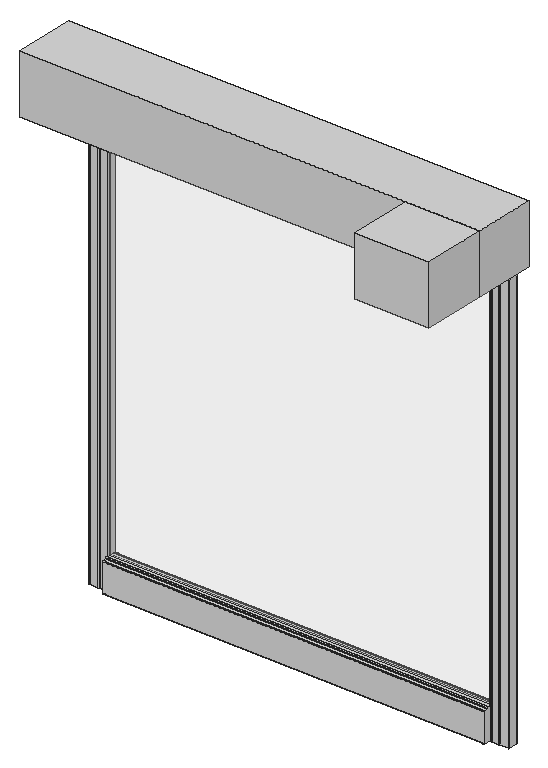
Revit family "Door_Crossing-Gard-Grille_BetweenJambMount_Cookson", category Doors, host Wall, Revit 2013
Parameters (values of type "Motor Operated, Aluminium (Anodized Finish), 3" Vertical Spacing")
  Sizing Disclaimer = "Openings from 5' to 24' wide and 4' to 20' high."  # constant formula
  Revit Object Download Link = "http://cornellcookson.smartbim.com/download/Door_Crossing-Gard-Grille_BetweenJambMount_Cookson"
  Motor = yes
  Function = Interior
  Drip Extension = 0' - 5"
  Curtain Rods 2" OC Standard = Aluminum, anodized finish 3" Spacing (curtain only)
  Bottom Bar = Aluminum, anodized finish(non-curtain components)
  Guides = Aluminum, anodized finish(non-curtain components)
  Hood = Aluminum, anodized finish(non-curtain components)
  Mounting = "Between Jambs"  # constant formula
  URL = "www.cooksondoor.com/product/CrossingGard-Grilles"
  Subcategory = "Roll Up"  # constant formula
  Shutter Width = Width + 2 * 0' 2 1/2" + 2 * 0' 0 15/32"  # 10' - 5 15/16"
  Shutter Height = Height - 0' 4 205/256"  # 9' - 7 51/256"
  Optional aluminum, color anodized finish = no
  Operator Height = 5' - 4"
  Operator = Operator : Motor Operator
  Operation = ""
  From Coil Side Operate on Right = yes
  From Coil Side Operate on Left = not(From Coil Side Operate on Right)  # no
  Curtain Spacing Vertical Chains 9" OC = no
  Curtain Spacing Vertical Chains 6" OC = no
  Curtain Spacing Vertical Chains 3" OC = yes
  Model = "ERG-IBC"  # constant formula
  Manufacturer = "CornellCookson,Inc."  # constant formula
  LEED Information = "http://www.cooksondoor.com/architect-tools-and-resources/leed-information"
  Height = 10' - 0"
  Wall Closure = By host
  Width = 10' - 0"
  Description = "The security of a locked rolling grille that opens on alarm or power failure allowing safe escape."  # constant formula
  Construction Type = ""
  Assembly Code = "B2030410"
  95 CSI = "08330"  # constant formula
  Coil Dimension Note = "15” to 20” - Consult Cornell when dimensions are critical."  # constant formula
  Jamb Dimension Note = "Between Jambs 5 1/2In to 6 1/2In wide. Consult Cookson when dimensions are critical."  # constant formula
  Wall Construction = "Self supporting tubes, Masonry, Steel or Wood"  # constant formula
  Listings = "ICC-ES Evaluated for access controlled egress per the IBC®, per ESR-1167"  # constant formula
  URL Specifications = "http://www.cooksondoor.com/docs/default-source/Specifications/crossinggard-emergency-response-grilles-specification_k.doc?sfvrsn=6"
  URL Photographs = "www.cooksondoor.com/product/CrossingGard-Grilles"
  URL CAD = "www.cooksondoor.com/architect-tools-and-resources/drawing-generator?prod=crossinggard"
  04 CSI = "08 33 00"  # constant formula
  Representative Disclaimer = "Cookson products are sold and installed through a nationwide network of independent distributors."  # constant formula
  Distributor Locator = "http://www.cooksondoor.com/find-a-dealer"
  Cost Note = "Based on size, materials selected. Consult Cookson."  # constant formula
Types (12): name | Curtain Rods 2" OC Standard | Bottom Bar | Guides | Hood | Curtain Spacing Vertical Chains 9" OC | Curtain Spacing Vertical Chains 6" OC | Curtain Spacing Vertical Chains 3" OC
  Motor Operated, Aluminium (Anodized Finish), 9" Vertical Spacing | Aluminum, mill finish 3" Spacing (curtain only) | Aluminum, mill finish(non-curtain components) | Aluminum, mill finish(non-curtain components) | Aluminum, mill finish(non-curtain components) | no | no | yes
  Motor Operated, Aluminium (Mill Finish), 9" Vertical Spacing | Aluminum, mill finish 9" Spacing (curtain only) | Aluminum, mill finish(non-curtain components) | Aluminum, mill finish(non-curtain components) | Aluminum, mill finish(non-curtain components) | yes | no | no
  Motor Operated, Galvanized Steel, 9" Vertical Spacing | Galvanized steel 9" Spacing (curtain only) | Galvanized steel curtain, galvanized or powder coated plain steel components(non-curtain components) | Galvanized steel curtain, galvanized or powder coated plain steel components(non-curtain components) | Galvanized steel curtain, galvanized or powder coated plain steel components(non-curtain components) | yes | no | no
  Motor Operated, Stainless Steel, 9" Vertical Spacing | Stainless steel 9" Spacing (curtain only) | Stainless steel(non-curtain components) | Stainless steel(non-curtain components) | Stainless steel(non-curtain components) | yes | no | no
  Motor Operated, Stainless Steel, 6" Vertical Spacing | Stainless steel 6" Spacing (curtain only) | Stainless steel(non-curtain components) | Stainless steel(non-curtain components) | Stainless steel(non-curtain components) | no | yes | no
  Motor Operated, Stainless Steel, 3" Vertical Spacing | Stainless steel 3" Spacing (curtain only) | Stainless steel(non-curtain components) | Stainless steel(non-curtain components) | Stainless steel(non-curtain components) | no | no | yes
  Motor Operated, Galvanized Steel, 6" Vertical Spacing | Galvanized steel 6" Spacing (curtain only) | Galvanized steel curtain, galvanized or powder coated plain steel components(non-curtain components) | Galvanized steel curtain, galvanized or powder coated plain steel components(non-curtain components) | Galvanized steel curtain, galvanized or powder coated plain steel components(non-curtain components) | no | yes | no
  Motor Operated, Galvanized Steel, 3" Vertical Spacing | Galvanized steel 3" Spacing (curtain only) | Galvanized steel curtain, galvanized or powder coated plain steel components(non-curtain components) | Galvanized steel curtain, galvanized or powder coated plain steel components(non-curtain components) | Galvanized steel curtain, galvanized or powder coated plain steel components(non-curtain components) | no | no | yes
  Motor Operated, Aluminium (Mill Finish), 6" Vertical Spacing | Aluminum, mill finish 6" Spacing (curtain only) | Aluminum, mill finish(non-curtain components) | Aluminum, mill finish(non-curtain components) | Aluminum, mill finish(non-curtain components) | no | yes | no
  Motor Operated, Aluminium (Mill Finish), 3" Vertical Spacing | Aluminum, mill finish 3" Spacing (curtain only) | Aluminum, mill finish(non-curtain components) | Aluminum, mill finish(non-curtain components) | Aluminum, mill finish(non-curtain components) | no | no | yes
  Motor Operated, Aluminium (Anodized Finish), 6" Vertical Spacing | Aluminum, anodized finish 6" Spacing (curtain only) | Aluminum, anodized finish(non-curtain components) | Aluminum, anodized finish(non-curtain components) | Aluminum, anodized finish(non-curtain components) | no | yes | no
  Motor Operated, Aluminium (Anodized Finish), 3" Vertical Spacing | Aluminum, anodized finish 3" Spacing (curtain only) | Aluminum, anodized finish(non-curtain components) | Aluminum, anodized finish(non-curtain components) | Aluminum, anodized finish(non-curtain components) | no | no | yes
Reference planes (in)
  plane 1 "Center (Front/Back)": y = 0
  plane 2 "Center (Left/Right)": x = 36
  plane 3 "Left": x = -24
  plane 4 "Right": x = 96
  plane 5 "Top": z = 120
  plane 6 "Wall Edge": y = -4.25
  plane 7: y = -4.25
  plane 8 "Top of Hood": z = 142
  plane 9: y = -17.875
  plane 10: z = 125
  plane 11: z = 4.39975
  plane 12: z = 4.39975
  plane 13: z = 6.41361
  plane 14: z = 10.41361
  plane 15: y = -6.125
  plane 16: x = -29.5
  plane 17: x = 101.5
  plane 18: x = -27
  plane 19: x = 99
  plane 20: z = 132
  plane 21: y = -21.75
  plane 22: y = -39.75
Forms (in)
  Sweep 1, solid, material "Aluminum, anodized finish(non-curtain components)" <- "Guides"
    path origin (-95.55277, -4.25, 84) x (-1, 0, 0) y (0, 0, 1)
      loop
        line (-186.05277, -84) -> (-77.05277, -84)
    profile "Profile_BottomBar : Profile_BottomBar" origin (36, -4.25, 0) x (0, 0, 1) y (0, 1, 0)
      loop
        line (0.15089, -1.80859) -> (8.36692, -1.80859)
        arc (8.36692, -1.80859) -> (8.47362, -1.7644) -> (8.51781, -1.65771) r 0.15089
        line (8.51781, -1.65771) -> (8.51781, -0.81809)
        arc (8.51781, -0.81809) -> (8.562, -0.7114) -> (8.6687, -0.66721) r 0.15089
        line (8.6687, -0.66721) -> (8.82445, -0.66721)
        arc (8.82445, -0.66721) -> (8.93114, -0.62301) -> (8.97534, -0.51632) r 0.15089
        line (8.97534, -0.51632) -> (8.97534, 1.76645)
        arc (8.97534, 1.76645) -> (8.93114, 1.87315) -> (8.82445, 1.91734) r 0.15089
        line (8.82445, 1.91734) -> (8.6687, 1.91734)
        arc (8.6687, 1.91734) -> (8.562, 1.96153) -> (8.51781, 2.06823) r 0.15089
        line (8.51781, 2.06823) -> (8.51781, 2.90784)
        arc (8.51781, 2.90784) -> (8.47362, 3.01453) -> (8.36692, 3.05873) r 0.15089
        line (8.36692, 3.05873) -> (0.15089, 3.05873)
        arc (0.15089, 3.05873) -> (0.04419, 3.01453) -> (0, 2.90784) r 0.15089
        line (0, 2.90784) -> (0, -1.65771)
        arc (0, -1.65771) -> (0.04419, -1.7644) -> (0.15089, -1.80859) r 0.15089
  Extrusion 2, solid, material "Aluminum, anodized finish 3" Spacing (curtain only)" <- "Curtain Rods 2" OC Standard"
    sketch origin (-95.55277, -4.25, 84) x (-1, 0, 0) y (0, 0, 1)
      loop
        line (-75.00977, 36) -> (-188.09577, 36) -> (-188.09577, -75.02466) -> (-75.00977, -75.02466) -> (-75.00977, 36)
    from 0.3135 to 0.9375
Lines and regions (in)
  Opening 1
    outline origin (-90, -4.25, 0) x (1, 0, 0) y (0, 0, 1)
      loop
        line (66, 0) -> (186, 0) -> (186, 120) -> (66, 120) -> (66, 0)
  symbolic lines, style "Doors"
    curve 1: line (92.543, -3.3125, 0) -> (-20.543, -3.3125, 0)
    curve 2: line (92.543, -3.9365, 0) -> (92.543, -3.3125, 0)
    curve 3: line (-20.543, -3.9365, 0) -> (92.543, -3.9365, 0)
    curve 4: line (-20.543, -3.3125, 0) -> (-20.543, -3.9365, 0)
    curve 5: line (-18.5, -1.19127, 0) -> (90.5, -1.19127, 0)
    curve 6: line (-18.5, -6.05859, 0) -> (-18.5, -3.9365, 0)
    curve 7: line (90.5, -6.05859, 0) -> (-18.5, -6.05859, 0)
    curve 8: line (90.5, -1.19127, 0) -> (90.5, -3.3125, 0)
    curve 9: line (-18.5, -3.3125, 0) -> (-18.5, -1.19127, 0)
    curve 10: line (90.5, -3.9365, 0) -> (90.5, -6.05859, 0)
Text (in)
  text "Exterior" at (-74.96733, 27.31104, 0), in view "Ref. Level"
  text "Interior" at (-74.96733, -25.14366, 0), in view "Ref. Level"
  text "Exterior" at (0, 40.15149, 123.01588), in view "Right"
  text "Interior" at (0, -64.39139, 123.01588), in view "Right"
  text "Interior" at (0, -63.63426, 123.00693), in view "Left"
  text "Exterior" at (0, 54.57065, 123.00693), in view "Left"
Dimensions and locks (in)
  equal spacing: plane 3 "Left", plane 2 "Center (Left/Right)", plane 4 "Right"
  "Height": level to plane 5 "Top"
  "Width": plane 3 "Left" to plane 4 "Right"
  locked: plane 7 to plane 6 "Wall Edge"
  "Drip Extension": plane 10 to plane 5 "Top"
  locked: plane 8 "Top of Hood" to plane 10 at 17
  locked: level to plane 11 at 4.39975
  locked: level to plane 12 at 4.39975
  locked: plane 6 "Wall Edge" to plane 9 at 13.625
  locked: plane 13 to level at 6.41361
  locked: level to plane 14 at 10.41361
  locked: plane 6 "Wall Edge" to plane 15 at 1.875
  locked: plane 16 to plane 3 "Left" at 5.5
  locked: plane 4 "Right" to plane 17 at 5.5
  locked: plane 16 to plane 18 at 2.5
  locked: plane 19 to plane 17 at 2.5
  plane 22 to plane 21 to plane 6 "Wall Edge" = 1' - 6", 1' - 5 1/2"
  plane 10 to plane 5 "Top" = 0' - 5"
  plane 8 "Top of Hood" to level = 11' - 10"
  locked: Sweep 1 sketch curve to plane 4 "Right" at 5.5
  aligned and locked: plane 3 "Left" to Opening 1 sketch curve
  aligned and locked: plane 5 "Top" to Opening 1 sketch curve  (x2)
  aligned and locked: Opening 1 sketch curve to plane 4 "Right"
  aligned and locked: Opening 1 sketch curve to level
  aligned and locked: plane 6 "Wall Edge" to host wall
  aligned and locked: nested 1 to plane 2 "Center (Left/Right)"
  aligned and locked: nested 1 to host wall
  aligned and locked: Sweep 1 sketch curve to level
  aligned and locked: nested 1 to plane 10
  aligned and locked: plane 5 "Top" to Extrusion 2 sketch curve
  aligned and locked: nested 2 to plane 3 "Left"
  aligned and locked: nested 2 to Extrusion 2
  aligned and locked: nested 3 to plane 4 "Right"
  aligned and locked: Extrusion 2 to nested 3  (x2)
  aligned and locked: nested 2 to Sweep 1 sketch curve
  aligned and locked: nested 2 to plane 5 "Top"
  aligned and locked: plane 5 "Top" to nested 3
  aligned and locked: curve 1 to Extrusion 2
  aligned and locked: curve 2 to Extrusion 2
  aligned and locked: curve 3 to Extrusion 2
  aligned and locked: curve 4 to Extrusion 2
  aligned and locked: curve 5 to Sweep 1
  aligned and locked: curve 6 to Sweep 1
  aligned and locked: curve 7 to Sweep 1
  aligned and locked: curve 8 to Sweep 1
Automatic sketch dimensions
  plane 4 "Right" to Extrusion 2 sketch curve = 0' - 3.457"
  Extrusion 2 sketch curve to plane 3 "Left" = 0' - 3.457"
  plane 14 to Extrusion 2 sketch curve = 0' - 1.43827"
  curve 1 to host wall = 0' - 0 15/16"
  curve 3 to curve 7 = 0' - 2.043"
  curve 5 to curve 2 = 0' - 2.043"
  curve 3 to host wall = 0' - 0.3135"
  curve 6 to host wall = 0' - 0.3135"
  curve 8 to host wall = 0' - 0 15/16"
  curve 10 to host wall = 0' - 0.3135"
  plane 4 "Right" to curve 10 = 0' - 5 1/2"
  curve 9 to host wall = 0' - 0 15/16"
  curve 9 to plane 3 "Left" = 0' - 5 1/2"
Nested families (in)
  nested 1: "Operator" at (36, -12.75, 37.50377), type <- "Operator", type "Motor Operator"
  nested 2: "Jamb_Guide-Wall" at (-21.75, -1.3745, 0), type "Guide"
  nested 3: "Jamb_Guide-Wall" at (93.75, -1.3745, 0) x (-1, 0, 0) z (0, 0, 1), type "Guide"
Definition of nested family "Operator"
  Parameters (values of type "Motor Operator")
    Width = 10' - 0"
    Roller Chamber = Aluminum, mill finish(non-curtain components)
    Right Motor Visible = not(Motor)  # no
    Right = yes
    Operator Height = Height / 1.5  # 5' - 4"
    Motor = yes
    Material = Aluminum, mill finish(non-curtain components)
    Line = no
    Left Motor Visible = not(Motor)  # no
    Left = no
    Height = 8' - 0"
    Default Elevation = 4' - 0"
    Bottom Bar = Aluminum, mill finish(non-curtain components)
    Assembly Code = ""
  Reference planes (in)
    plane 1 "Center (Front/Back)": y = 0
    plane 2: z = 0
    plane 3 "Center (Left/Right)": x = 0
    plane 4: x = -60
    plane 5: x = 60
    plane 6: z = 96
    plane 7: y = 8.5
    plane 8: z = 87.49623
    plane 9: x = -42.75
    plane 10: x = 42.75
    plane 11: y = -27.30859
    plane 12: y = -12
    plane 13: y = 6.625
    plane 14: x = -55.5
    plane 15: x = 55.5
    plane 16: x = -65.5
    plane 17: x = 65.5
    plane 18: y = -7
  Forms (in)
    Sweep 1, solid, material "Aluminum, mill finish(non-curtain components)" <- "Bottom Bar"
      path origin (-42.75, -180, 87.49623) x (0, -1, 0) y (1, 0, 0)
        loop
          line (-188.5, -22.75) -> (-188.5, 108.25)
      profile "Profile_Hood : Profile_Hood" origin (0, 8.5, 87.49623) x (0, 1, 0) y (0, 0, 1)
        loop
          line (0, 17) -> (-17.5, 17) -> (-17.5, 0) -> (0, 0) -> (0, 17)
    Sweep 2, solid, material "Aluminum, mill finish(non-curtain components)" <- "Bottom Bar"
      path origin (-42.75, -180, 87.49623) x (0, -1, 0) y (1, 0, 0)
        loop
          line (-188.5, -22.75) -> (-188.5, 108.25)
      profile "Profile_Hood : Profile_Hood" origin (0, 8.5, 87.49623) x (0, 1, 0) y (0, 0, 1)
        loop
          line (0, 17) -> (-17.5, 17) -> (-17.5, 0) -> (0, 0) -> (0, 17)
    Sweep 3, solid, material "Aluminum, mill finish(non-curtain components)" <- "Roller Chamber"
      path origin (-42.75, -180, 87.49623) x (0, -1, 0) y (1, 0, 0)
        loop
          line (-188.5, -22.75) -> (-188.5, 108.25)
      profile "Profile_Hood : Profile_Hood" origin (0, 8.5, 87.49623) x (0, 1, 0) y (0, 0, 1)
        loop
          line (0, 17) -> (-17.5, 17) -> (-17.5, 0) -> (0, 0) -> (0, 17)
  Lines and regions (in)
    symbolic lines, style "GenericModelHiddenLines"
      curve 1: line (-65.5, 8.5, 0) -> (-65.5, -7, 0)
      curve 3: line (65.5, -7, 0) -> (65.5, 8.5, 0)
    symbolic lines, style "GenericModelHiddenLines", visible <- "Line"
      curve 2: line (-65.5, -7, 0) -> (65.5, -7, 0)
    symbolic lines, style "GenericModelHiddenLines", visible <- "Left"
      curve 4: line (-44.5, -7, 0) -> (65.5, -7, 0)
    symbolic lines, style "GenericModelHiddenLines", visible <- "Right"
      curve 5: line (-65.5, -7, 0) -> (44.5, -7, 0)
    symbolic lines, style "GenericModelHiddenLines", visible <- "Right Motor Visible"
      curve 6: line (44.5, -7, 0) -> (65.5, -7, 0)
    symbolic lines, style "GenericModelHiddenLines", visible <- "Left Motor Visible"
      curve 7: line (-65.5, -7, 0) -> (-44.5, -7, 0)
  Dimensions and locks (in)
    equal spacing: plane 4, plane 3 "Center (Left/Right)", plane 5
    "Width": plane 4 to plane 5
    "Height": plane 6 to level
    locked: plane 7 to plane 1 "Center (Front/Back)" at 8.5
    locked: plane 6 to plane 8 at 8.50377
    locked: plane 7 to plane 11 at 35.80859
    locked: plane 7 to plane 13 at 1.875
    locked: plane 15 to plane 5 at 4.5
    locked: plane 4 to plane 14 at 4.5
    locked: plane 16 to plane 4 at 5.5
    locked: plane 17 to plane 5 at 5.5
    locked: plane 18 to plane 7 at 15.5
    aligned and locked: nested 2 to plane 6
    aligned and locked: Sweep 1 sketch curve to plane 7
    aligned and locked: nested 1 to Sweep 1
    aligned and locked: Sweep 2 sketch curve to plane 7
    aligned and locked: Sweep 3 sketch curve to plane 7
    aligned and locked: plane 6 to nested 1
    aligned and locked: plane 16 to Sweep 2 sketch curve
    aligned and locked: plane 17 to Sweep 2 sketch curve
    aligned and locked: plane 16 to Sweep 3 sketch curve
    aligned and locked: plane 17 to Sweep 3 sketch curve
    aligned and locked: plane 16 to Sweep 1 sketch curve
    aligned and locked: plane 17 to Sweep 1 sketch curve
    aligned and locked: plane 7 to curve 1
    aligned and locked: curve 3 to plane 7
    aligned and locked: plane 18 to curve 3
    aligned and locked: plane 18 to curve 4
    aligned and locked: nested 1 to curve 5
    aligned and locked: curve 5 to plane 18
    aligned and locked: nested 1 to curve 6
    aligned and locked: curve 5 to curve 6
    aligned and locked: nested 2 to Sweep 3
    aligned and locked: nested 1 to Sweep 2
    aligned and locked: nested 2 to curve 7
    aligned and locked: plane 16 to nested 2
    aligned and locked: curve 1 to plane 16
  Nested families (in)
    nested 1: "Pull-Down-Pole" at (71.375, -2, 32), visible <- "Right", type "Pull"
    nested 2: "Pull-Down-Pole" at (-71.375, -2, 32) x (-1, 0, 0) z (0, 0, 1), visible <- "Left", type "Pull 2"
  Definition of nested family "Pull-Down-Pole"
    Parameters (values of type "Pull 2")
      Motor = yes
      Material = Aluminum, mill finish(non-curtain components)
      Hood = Aluminum, mill finish(non-curtain components)
      Height = 5' - 4"
      Bottom Bar = Aluminum, mill finish(non-curtain components)
      Assembly Code = ""
    Types (2): name
      Pull 2
      Pull
    Reference planes (in)
      plane 1 "Center (Front/Back)": y = 0
      plane 2: z = 0
      plane 3 "Center (Left/Right)": x = 0
      plane 4: z = 64
      plane 5: y = -7
      plane 6: y = -25
      plane 7: x = -3.625
      plane 8: x = -5.875
      plane 9: x = -1.375
    Forms (in)
      Extrusion 1, solid, material "Aluminum, mill finish(non-curtain components)" <- "Material", visible <- "Motor"
        sketch origin (0, 0, 0) x (1, 0, 0) y (0, 0, 1)
          loop
            line (-26.875, 72.49609) -> (-26.875, 55.49609) -> (-5.875, 55.49609) -> (-5.875, 72.49609) -> (-26.875, 72.49609)
        from 7 to 25
      Extrusion 2, solid, material "Aluminum, mill finish(non-curtain components)" <- "Bottom Bar", not visible
        sketch origin (-9.625, -8.75, 56.81318) x (0, 0, 1) y (0, -1, 0)
          loop
            line (15.68682, -17.125) -> (15.68682, -1.75) -> (-1.31318, -1.75) -> (-1.31318, -17.125) -> (15.68682, -17.125)
        from 3.75 to 8.25
      Extrusion 3, solid, material "Aluminum, mill finish(non-curtain components)" <- "Bottom Bar", not visible
        sketch origin (-5.875, -5.3125, 56.81318) x (0, 0, -1) y (0, -1, 0)
          loop
            line (-15.68682, 1.6875) -> (-15.68682, -13.6875) -> (1.31318, -13.6875) -> (1.31318, 1.6875) -> (-15.68682, 1.6875)
        from -4.5 to 0
    Lines and regions (in)
      symbolic lines, style "GenericModelHiddenLines", visible <- "Motor"
        curve 1: line (-26.875, -25, 0) -> (-26.875, -7, 0)
        curve 2: line (-26.875, -25, 0) -> (-5.875, -25, 0)
        curve 3: line (-5.875, -25, 0) -> (-5.875, -7, 0)
    Dimensions and locks (in)
      "Height": plane 4 to level
      locked: plane 3 "Center (Left/Right)" to Extrusion 1 sketch curve at 5.875
      locked: Extrusion 1 sketch curve to Extrusion 1 sketch curve at 21
      locked: plane 4 to Extrusion 1 sketch curve at 8.50391
      locked: Extrusion 1 sketch curve to plane 4 at 8.49609
      locked: plane 1 "Center (Front/Back)" to plane 5 at 7
      plane 5 to plane 6 = 1' - 6"
      Extrusion 2 to plane 7 = 0' - 2 1/4"
      locked: plane 8 to plane 9 at 4.5
      equal spacing: plane 8, plane 7, plane 9
      plane 5 to plane 1 "Center (Front/Back)" = 0' - 7"
      plane 1 "Center (Front/Back)" to Extrusion 3 sketch curve = 0' - 8 3/8"
      Extrusion 2 to plane 4 = 0' - 8 1/2"
      aligned and locked: plane 5 to Extrusion 1
      aligned and locked: plane 6 to Extrusion 1
      aligned and locked: plane 4 to nested 1
      aligned and locked: plane 7 to nested 1
      aligned and locked: plane 1 "Center (Front/Back)" to nested 1
      aligned and locked: Extrusion 2 to Extrusion 3
      aligned and locked: Extrusion 3 to plane 9
      aligned and locked: Extrusion 2 to plane 9
      aligned and locked: plane 5 to curve 1
      aligned and locked: plane 6 to curve 1
      aligned and locked: plane 5 to curve 3
      aligned and locked: plane 6 to curve 3
      aligned and locked: Extrusion 1 to curve 2
      aligned and locked: curve 2 to Extrusion 1
    Automatic sketch dimensions
      Extrusion 3 sketch curve to Extrusion 2 = 0' - 0"  (x2)
      Extrusion 3 sketch curve to Extrusion 2 = 1' - 3 3/8"
      Extrusion 2 sketch curve to plane 5 = 0' - 0"
      Extrusion 2 sketch curve to plane 4 = 0' - 8 1/2"
      plane 4 to Extrusion 2 sketch curve = 0' - 8 1/2"
      Extrusion 2 sketch curve to Extrusion 2 sketch curve = 1' - 3 3/8"
    Nested families (in)
      nested 1: "Hand Crank" at (-3.625, 0, 0), type "Pull"
        with Crank Visibility no
    Definition of nested family "Hand Crank"
      Parameters (values of type "Pull 2")
        Pull Visibility = no
        Material = none
        Height = 5' - 4"
        Crank Visibility = yes
        Chain Visibility = no
        Assembly Code = ""
      Types (2): name
        Pull
        Pull 2
      Reference planes (in)
        plane 1 "Center (Front/Back)": y = 0
        plane 2: z = 0
        plane 3 "Center (Left/Right)": x = 0
        plane 4: z = 64
      Forms (in)
        Extrusion 1, solid, material <- "Material", visible <- "Crank Visibility"
          sketch origin (0.49219, 0, -9.71913) x (1, 0, 0) y (0, 1, 0)
            loop
              circle (-0.49219, 0) r 0.3635
          from 27.71913 to 73.71913
        Revolve 2, solid, material <- "Material", visible <- "Crank Visibility"
          sketch origin (0.48828, 0, 0) x (1, 0, 0) y (0, 0, 1)
            loop
              line (-0.00839, 16.40625) -> (-0.00839, 17.75)
              arc (-0.00839, 17.75) -> (0.0137, 17.75915) -> (0.02286, 17.78125) r 0.03125
              line (0.02286, 17.78125) -> (0.02286, 17.96875)
              arc (0.02286, 17.96875) -> (0.0137, 17.99085) -> (-0.00839, 18) r 0.03125
              line (-0.00839, 18) -> (-0.12478, 18) -> (-0.25839, 16.375) -> (-0.03964, 16.375)
              arc (-0.03964, 16.375) -> (-0.01755, 16.38415) -> (-0.00839, 16.40625) r 0.03125
            axis (-0.5, 16.375) -> (-0.5, 18)
          angle from 0 to 360
        Extrusion 3, solid, material <- "Material", visible <- "Crank Visibility"
          sketch origin (0.48828, 0, -9.71913) x (1, 0, 0) y (0, 1, 0)
            loop
              circle (-0.5, 0) r 0.24161
          from 24.71913 to 26.09413
        Revolve 4, solid, material <- "Material", visible <- "Crank Visibility"
          sketch origin (0.48828, 0, -33.71913) x (1, 0, 0) y (0, 0, 1)
            loop
              line (-0.10214, 48.71913) -> (-0.5, 48.71913) -> (-0.5, 44.28163) -> (-0.10214, 44.28163)
              arc (-0.10214, 44.28163) -> (-0.08321, 44.29598) -> (-0.06782, 44.31409) r 0.10929
              arc (-0.06782, 44.31409) -> (-0.0568, 44.33489) -> (-0.05048, 44.35756) r 0.10929
              arc (-0.05048, 44.35756) -> (-0.04908, 44.37899) -> (-0.05189, 44.40028) r 0.10929
              arc (-0.05189, 44.40028) -> (-0.06078, 44.4247) -> (-0.07518, 44.44633) r 0.10929
              arc (-0.07518, 44.44633) -> (-0.08774, 44.45883) -> (-0.10214, 44.46913) r 0.10929
              line (-0.10214, 44.46913) -> (-0.25839, 44.46913) -> (-0.25839, 44.53163) -> (-0.03964, 44.53163)
              arc (-0.03964, 44.53163) -> (0.02286, 46.50038) -> (-0.03964, 48.46913) r 31.03906
              line (-0.03964, 48.46913) -> (-0.25839, 48.46913) -> (-0.25839, 48.53163) -> (-0.10214, 48.53163)
              arc (-0.10214, 48.53163) -> (-0.089, 48.54117) -> (-0.07741, 48.55254) r 0.11027
              arc (-0.07741, 48.55254) -> (-0.06715, 48.5662) -> (-0.05913, 48.58129) r 0.11027
              arc (-0.05913, 48.58129) -> (-0.05268, 48.60089) -> (-0.05, 48.62136) r 0.11027
              arc (-0.05, 48.62136) -> (-0.05282, 48.65047) -> (-0.06319, 48.67782) r 0.11027
              arc (-0.06319, 48.67782) -> (-0.07996, 48.70102) -> (-0.10214, 48.71913) r 0.11027
            axis (-0.5, 44.28163) -> (-0.5, 48.71913)
          angle from 0 to 360
        Revolve 5, solid, material <- "Material", visible <- "Crank Visibility"
          sketch origin (0.48828, 0, 0) x (1, 0, 0) y (0, 0, 1)
            loop
              line (-7.10196, 4.6875) -> (-7.49981, 4.6875) -> (-7.49981, 0) -> (-7.28964, 0) -> (-7.25839, 0.03125) -> (-7.25839, 0.25) -> (-7.10196, 0.25)
              arc (-7.10196, 0.25) -> (-7.08302, 0.26435) -> (-7.06764, 0.28246) r 0.10929
              arc (-7.06764, 0.28246) -> (-7.05661, 0.30326) -> (-7.0503, 0.32593) r 0.10929
              arc (-7.0503, 0.32593) -> (-7.04889, 0.34736) -> (-7.05171, 0.36865) r 0.10929
              arc (-7.05171, 0.36865) -> (-7.0606, 0.39307) -> (-7.075, 0.4147) r 0.10929
              arc (-7.075, 0.4147) -> (-7.08755, 0.4272) -> (-7.10196, 0.4375) r 0.10929
              line (-7.10196, 0.4375) -> (-7.25821, 0.4375) -> (-7.25821, 0.5) -> (-7.03946, 0.5)
              arc (-7.03946, 0.5) -> (-6.97696, 2.46875) -> (-7.03946, 4.4375) r 31.03906
              line (-7.03946, 4.4375) -> (-7.25821, 4.4375) -> (-7.25821, 4.5) -> (-7.10196, 4.5)
              arc (-7.10196, 4.5) -> (-7.08882, 4.50954) -> (-7.07722, 4.52091) r 0.11027
              arc (-7.07722, 4.52091) -> (-7.06696, 4.53457) -> (-7.05894, 4.54966) r 0.11027
              arc (-7.05894, 4.54966) -> (-7.05249, 4.56926) -> (-7.04981, 4.58973) r 0.11027
              arc (-7.04981, 4.58973) -> (-7.05263, 4.61884) -> (-7.06301, 4.64619) r 0.11027
              arc (-7.06301, 4.64619) -> (-7.07978, 4.66939) -> (-7.10196, 4.6875) r 0.11027
            axis (-7.49981, 0) -> (-7.49981, 4.6875)
          angle from 0 to 360
        Sweep 6, solid, material <- "Material", visible <- "Crank Visibility"
          path origin (0.48828, 0, 0) x (1, 0, 0) y (0, 0, 1)
            loop
              arc (-7.49004, 4.6119) -> (-7.47789, 4.71547) -> (-7.45023, 4.816) r 0.6875
              arc (-7.45023, 4.816) -> (-7.43834, 4.84678) -> (-7.42499, 4.87696) r 0.6875
              arc (-7.42499, 4.87696) -> (-7.41762, 4.89212) -> (-7.40987, 4.9071) r 0.6875
              arc (-7.40987, 4.9071) -> (-7.38741, 4.94613) -> (-7.36243, 4.98361) r 0.6875
              arc (-7.36243, 4.98361) -> (-7.33964, 5.01371) -> (-7.31523, 5.04252) r 0.6875
              arc (-7.31523, 5.04252) -> (-7.29391, 5.06527) -> (-7.27158, 5.08702) r 0.6875
              line (-7.27158, 5.08702) -> (-0.63776, 10.21872)
              arc (-0.63776, 10.21872) -> (-0.61587, 10.24313) -> (-0.59517, 10.26856) r 0.6875
              arc (-0.59517, 10.26856) -> (-0.57706, 10.29302) -> (-0.56005, 10.31826) r 0.6875
              arc (-0.56005, 10.31826) -> (-0.54767, 10.33829) -> (-0.53598, 10.35873) r 0.6875
              arc (-0.53598, 10.35873) -> (-0.52266, 10.38421) -> (-0.51043, 10.41023) r 0.6875
              arc (-0.51043, 10.41023) -> (-0.49993, 10.43513) -> (-0.49042, 10.46042) r 0.6875
              arc (-0.49042, 10.46042) -> (-0.47982, 10.49292) -> (-0.47085, 10.5259) r 0.6875
              arc (-0.47085, 10.5259) -> (-0.46028, 10.57739) -> (-0.45368, 10.62953) r 0.6875
          profile origin (-3.46639, 0, 7.65287) x (-0.611862, 0, 0.790964) y (0, -1, 0)
            loop
              circle (0, 0) r 0.21875
      Dimensions and locks (in)
        "Height": plane 4 to level
        aligned and locked: plane 4 to Extrusion 1
      Automatic sketch dimensions
        plane 3 "Center (Left/Right)" to Extrusion 1 sketch curve = 0' - 0"
        Extrusion 1 sketch curve to plane 1 "Center (Front/Back)" = 0' - 0"
        Revolve 2 sketch curve to plane 3 "Center (Left/Right)" = 0' - 0 3/256"
        Revolve 2 sketch curve to Revolve 2 sketch curve = 0' - 0.24161"
        Revolve 2 sketch curve to Revolve 2 sketch curve = 0' - 0.37522"
        Revolve 2 sketch curve to Revolve 2 sketch curve = 0' - 0 7/32"
        Revolve 2 sketch curve to Revolve 2 sketch curve = 0' - 0.11639"
        Revolve 2 sketch curve to Revolve 2 sketch curve = 0' - 0"  (x2)
        Revolve 2 sketch curve to Revolve 2 sketch curve = 0' - 0 1/32"
        level to Revolve 2 sketch curve = 1' - 4 3/8"
        Revolve 2 sketch curve to Revolve 2 sketch curve = 0' - 1 11/32"
        Revolve 2 sketch curve to Revolve 2 sketch curve = 0' - 0 3/16"
        Revolve 2 sketch curve to Revolve 2 sketch curve = 0' - 0.55649"
        Extrusion 3 sketch curve to plane 3 "Center (Left/Right)" = 0' - 0 3/256"
        Extrusion 3 sketch curve to plane 1 "Center (Front/Back)" = 0' - 0"
        Revolve 4 sketch curve to Revolve 4 sketch curve = 0' - 0"  (x42)
        Revolve 4 sketch curve to plane 3 "Center (Left/Right)" = 2' - 6.52792"
        Revolve 4 sketch curve to plane 3 "Center (Left/Right)" = 0' - 0 3/256"
        Revolve 4 sketch curve to Revolve 4 sketch curve = 0' - 0.24161"  (x2)
        Revolve 4 sketch curve to Revolve 4 sketch curve = 0' - 0.0982"
        Revolve 4 sketch curve to Revolve 4 sketch curve = 0' - 0.10009"
        Revolve 4 sketch curve to Revolve 4 sketch curve = 0' - 0.05805"  (x2)
        Revolve 4 sketch curve to Revolve 4 sketch curve = 0' - 0.05616"  (x2)
        Revolve 4 sketch curve to Revolve 4 sketch curve = 0' - 0.02473"
        Revolve 4 sketch curve to Revolve 4 sketch curve = 0' - 0.02696"
        Revolve 4 sketch curve to Revolve 4 sketch curve = 0' - 0.03432"
        Revolve 4 sketch curve to Revolve 4 sketch curve = 0' - 0.03895"
        Revolve 4 sketch curve to Revolve 4 sketch curve = 0' - 0.01828"
        Revolve 4 sketch curve to Revolve 4 sketch curve = 0' - 0.02329"
        Revolve 4 sketch curve to Revolve 4 sketch curve = 0' - 0.00141"
        Revolve 4 sketch curve to Revolve 4 sketch curve = 0' - 0.00913"
        Revolve 4 sketch curve to Revolve 4 sketch curve = 0' - 0 1/16"  (x4)
        level to Revolve 4 sketch curve = 0' - 10 9/16"
        Revolve 4 sketch curve to Revolve 4 sketch curve = 0' - 0.03246"
        Revolve 4 sketch curve to Revolve 4 sketch curve = 0' - 0.36189"
        level to Revolve 4 sketch curve = 1' - 0 25/32"
        Revolve 4 sketch curve to Revolve 4 sketch curve = 0' - 0.02091"
        Revolve 5 sketch curve to Revolve 5 sketch curve = 0' - 0"  (x42)
        Revolve 5 sketch curve to plane 3 "Center (Left/Right)" = 3' - 1.52774"
        Revolve 5 sketch curve to plane 3 "Center (Left/Right)" = 0' - 7.01153"
        Revolve 5 sketch curve to Revolve 5 sketch curve = 0' - 0.21017"
        Revolve 5 sketch curve to Revolve 5 sketch curve = 0' - 0 1/32"  (x2)
        Revolve 5 sketch curve to Revolve 5 sketch curve = 0' - 0.24161"
        Revolve 5 sketch curve to Revolve 5 sketch curve = 0' - 0.00019"
        Revolve 5 sketch curve to Revolve 5 sketch curve = 0' - 0.0982"
        Revolve 5 sketch curve to Revolve 5 sketch curve = 0' - 0.10009"
        Revolve 5 sketch curve to Revolve 5 sketch curve = 0' - 0.05805"  (x2)
        Revolve 5 sketch curve to Revolve 5 sketch curve = 0' - 0.05616"  (x2)
        Revolve 5 sketch curve to Revolve 5 sketch curve = 0' - 0.02473"
        Revolve 5 sketch curve to Revolve 5 sketch curve = 0' - 0.02696"
        Revolve 5 sketch curve to Revolve 5 sketch curve = 0' - 0.03432"
        Revolve 5 sketch curve to Revolve 5 sketch curve = 0' - 0.03895"
        Revolve 5 sketch curve to Revolve 5 sketch curve = 0' - 0.01828"
        Revolve 5 sketch curve to Revolve 5 sketch curve = 0' - 0.02329"
        Revolve 5 sketch curve to Revolve 5 sketch curve = 0' - 0.00141"
        Revolve 5 sketch curve to Revolve 5 sketch curve = 0' - 0.00913"
        Revolve 5 sketch curve to Revolve 5 sketch curve = 0' - 0 1/16"  (x4)
        level to Revolve 5 sketch curve = 0' - 0"
        Revolve 5 sketch curve to Revolve 5 sketch curve = 0' - 0 7/32"
        Revolve 5 sketch curve to Revolve 5 sketch curve = 0' - 0.03246"
        Revolve 5 sketch curve to Revolve 5 sketch curve = 0' - 0.03008"
        level to Revolve 5 sketch curve = 0' - 2 15/32"
        Revolve 5 sketch curve to Revolve 5 sketch curve = 0' - 0.02091"
        Sweep 6 sketch curve to Sweep 6 sketch curve = 0' - 0"  (x72)
        Sweep 6 sketch curve to plane 3 "Center (Left/Right)" = 0' - 7.00176"
        Sweep 6 sketch curve to Sweep 6 sketch curve = 0' - 0.03981"
        Sweep 6 sketch curve to Sweep 6 sketch curve = 0' - 0.02523"
        Sweep 6 sketch curve to Sweep 6 sketch curve = 0' - 0.01512"
        Sweep 6 sketch curve to Sweep 6 sketch curve = 0' - 0.04744"
        Sweep 6 sketch curve to Sweep 6 sketch curve = 0' - 0.0472"
        Sweep 6 sketch curve to Sweep 6 sketch curve = 0' - 0.04365"
        Sweep 6 sketch curve to Sweep 6 sketch curve = 0' - 0.60676"
        Sweep 6 sketch curve to Sweep 6 sketch curve = 0' - 6.13304"
        Sweep 6 sketch curve to Sweep 6 sketch curve = 0' - 0.50078"
        Sweep 6 sketch curve to Sweep 6 sketch curve = 0' - 0.04259"
        Sweep 6 sketch curve to Sweep 6 sketch curve = 0' - 0.03512"
        Sweep 6 sketch curve to Sweep 6 sketch curve = 0' - 0.02407"
        Sweep 6 sketch curve to Sweep 6 sketch curve = 0' - 0.02555"
        Sweep 6 sketch curve to Sweep 6 sketch curve = 0' - 0.02001"
        Sweep 6 sketch curve to Sweep 6 sketch curve = 0' - 0.01957"
        Sweep 6 sketch curve to Sweep 6 sketch curve = 0' - 0.01717"
        level to Sweep 6 sketch curve = 0' - 4.58384"
        Sweep 6 sketch curve to Sweep 6 sketch curve = 0' - 0.02806"
        Sweep 6 sketch curve to Sweep 6 sketch curve = 0' - 5.63487"
        Sweep 6 sketch curve to Sweep 6 sketch curve = 0' - 0.04984"
        Sweep 6 sketch curve to profile plane = 0' - 0"  (x2)
        radius of Extrusion 1 sketch curve = 0' - 0.3635"
        radius of Extrusion 3 sketch curve = 0' - 0.24161"
        radius of Sweep 6 sketch curve = 0' - 0 7/32"
Definition of nested family "Jamb_Guide-Wall"
  Parameters (values of type "Guide")
    Height = 10' - 0"
    Guide = Aluminum, anodized finish(non-curtain components)
    Assembly Code = ""
  Reference planes (in)
    plane 1 "Center (Front/Back)": y = 0
    plane 2: z = 0
    plane 3 "Center (Left/Right)": x = 0
    plane 4: z = 120
    plane 5: x = -2.25
    plane 6: y = -2.875
    plane 7: x = 3.25
    plane 8: y = -1.4375
  Forms (in)
    Extrusion 1, solid, material "Aluminum, anodized finish(non-curtain components)" <- "Guide"
      sketch origin (0, 0, 0) x (1, 0, 0) y (0, 1, 0)
        loop
          line (0.75, -2.875) -> (3.125, -2.875) -> (3.25, -2.813) -> (3.25, -2.562) -> (2.75, -2.562) -> (2.75, -2.766) -> (0.938, -2.766) -> (0.938, -1.73335) -> (2.75, -1.73335) -> (2.75, -1.938) -> (3.25, -1.938) -> (3.25, -0.436) -> (3.125, -0.374) -> (0.75, -0.374) -> (0.75, -2.875)
      from 0 to 120
    Extrusion 2, solid, material "Aluminum, anodized finish(non-curtain components)" <- "Guide"
      sketch origin (0, 0.25, 0) x (-1, 0, 0) y (0, -1, 0)
        loop
          line (-0.50842, 0.12671) -> (2.01014, 0.12671)
          arc (2.01014, 0.12671) -> (2.17975, 0.19697) -> (2.25, 0.36658) r 0.23986
          line (2.25, 0.36658) -> (2.25, 2.88514)
          arc (2.25, 2.88514) -> (2.17975, 3.05475) -> (2.01014, 3.125) r 0.23986
          line (2.01014, 3.125) -> (-0.50842, 3.125)
          arc (-0.50842, 3.125) -> (-0.67803, 3.05475) -> (-0.74829, 2.88514) r 0.23986
          line (-0.74829, 2.88514) -> (-0.74829, 0.36658)
          arc (-0.74829, 0.36658) -> (-0.67803, 0.19697) -> (-0.50842, 0.12671) r 0.23986
        loop
          line (-0.50842, 0.24664) -> (2.01014, 0.24664)
          arc (2.01014, 0.24664) -> (2.09494, 0.28177) -> (2.13007, 0.36658) r 0.11993
          line (2.13007, 0.36658) -> (2.13007, 2.88514)
          arc (2.13007, 2.88514) -> (2.09494, 2.96994) -> (2.01014, 3.00507) r 0.11993
          line (2.01014, 3.00507) -> (-0.50842, 3.00507)
          arc (-0.50842, 3.00507) -> (-0.59323, 2.96994) -> (-0.62836, 2.88514) r 0.11993
          line (-0.62836, 2.88514) -> (-0.62836, 0.36658)
          arc (-0.62836, 0.36658) -> (-0.59323, 0.28177) -> (-0.50842, 0.24664) r 0.11993
      from 0 to 120
  Lines and regions (in)
    Filled region 1, type "GA0363.dwg--6", in view "Ref. Level"
      outline origin (0, 0.25, 0) x (-1, 0, 0) y (0, -1, 0)
        loop
          line (-84.66667, -45.69605) -> (-84.83333, -45.69605) -> (-84.75, -46.19605) -> (-84.66667, -45.69605)
    Filled region 2, type "GA0363.dwg--6", in view "Ref. Level"
      outline origin (0, 0.25, 0) x (-1, 0, 0) y (0, -1, 0)
        loop
          line (-84.66667, -38.69605) -> (-84.75, -38.19605) -> (-84.83333, -38.69605) -> (-84.66667, -38.69605)
    Filled region 3, type "GA0363.dwg--6", in view "Ref. Level"
      outline origin (0, 0.25, 0) x (-1, 0, 0) y (0, -1, 0)
        loop
          line (-104.16667, -36.19605) -> (-104.25, -35.69605) -> (-104.33333, -36.19605) -> (-104.16667, -36.19605)
    Filled region 4, type "GA0363.dwg--6", in view "Ref. Level"
      outline origin (0, 0.25, 0) x (-1, 0, 0) y (0, -1, 0)
        loop
          line (-104.16667, -42.20005) -> (-104.33333, -42.20005) -> (-104.25, -42.70005) -> (-104.16667, -42.20005)
    Filled region 5, type "GA0363.dwg--6", in view "Ref. Level"
      outline origin (0, 0.25, 0) x (-1, 0, 0) y (0, -1, 0)
        loop
          line (-99.75, -49.33333) -> (-99.25, -49.25) -> (-99.75, -49.16667) -> (-99.75, -49.33333)
    Filled region 6, type "GA0363.dwg--6", in view "Ref. Level"
      outline origin (0, 0.25, 0) x (-1, 0, 0) y (0, -1, 0)
        loop
          line (-110.75, -49.33333) -> (-110.75, -49.16667) -> (-111.25, -49.25) -> (-110.75, -49.33333)
    Filled region 7, type "GA0363.dwg--6", in view "Ref. Level"
      outline origin (0, 0.25, 0) x (-1, 0, 0) y (0, -1, 0)
        loop
          line (-113.66667, -36.19605) -> (-113.75, -35.69605) -> (-113.83333, -36.19605) -> (-113.66667, -36.19605)
    Filled region 8, type "GA0363.dwg--6", in view "Ref. Level"
      outline origin (0, 0.25, 0) x (-1, 0, 0) y (0, -1, 0)
        loop
          line (-113.66667, -47.19605) -> (-113.83333, -47.19605) -> (-113.75, -47.69605) -> (-113.66667, -47.19605)
    Filled region 9, type "GA0363.dwg--6", in view "Ref. Level"
      outline origin (0, 0.25, 0) x (-1, 0, 0) y (0, -1, 0)
        loop
          line (-99.25, -32.19605) -> (-99.62924, -31.85972) -> (-99.71782, -32.00089) -> (-99.25, -32.19605)
    symbolic lines
      curve 1: line (1.02, -0.499, 0) -> (0.938, -0.499, 0)
      curve 2: line (0.938, -0.499, 0) -> (0.938, -0.624, 0)
      curve 3: line (0.938, -0.624, 0) -> (0.87494, -0.624, 0)
      curve 4: line (0.87494, -0.624, 0) -> (0.87494, -1.50007, 0)
      curve 5: arc (0.87494, -1.50007, 0) -> (0.91158, -1.58852, 0) -> (1.00003, -1.62516, 0) r 0.12509
      curve 6: line (1.00003, -1.62516, 0) -> (2.93794, -1.62516, 0)
      curve 7: arc (2.93794, -1.62516, 0) -> (2.98191, -1.64337, 0) -> (3.00012, -1.68735, 0) r 0.06219
      curve 8: line (3.00012, -1.68735, 0) -> (3.125, -1.68735, 0)
      curve 9: line (3.125, -1.68735, 0) -> (3.125, -1.62435, 0)
      curve 10: line (3.125, -1.62435, 0) -> (3.25, -1.68735, 0)
      curve 11: arc (3.2035, -1.66391, 0) -> (3.2345, -1.66391, 0) -> (3.25, -1.63706, 0) r 0.031
      curve 12: line (3.063, -1.6657, 0) -> (3.125, -1.6657, 0)
      curve 13: line (3.063, -1.56201, 0) -> (3.063, -1.6657, 0)
      curve 14: arc (3.1095, -1.53516, 0) -> (3.0785, -1.53516, 0) -> (3.063, -1.56201, 0) r 0.031
      curve 15: line (3.1415, -1.55364, 0) -> (3.1095, -1.53516, 0)
      curve 16: arc (3.188, -1.52679, 0) -> (3.1725, -1.55364, 0) -> (3.1415, -1.55364, 0) r 0.031
      curve 17: line (3.188, -0.4738, 0) -> (3.188, -1.52679, 0)
      curve 18: line (3.11047, -0.43535, 0) -> (3.188, -0.4738, 0)
      curve 19: line (3.188, -1.87535, 0) -> (3.188, -1.81035, 0)
      curve 20: line (3.188, -1.81035, 0) -> (2.812, -1.81035, 0)
      curve 21: line (2.812, -1.81035, 0) -> (2.812, -1.87535, 0)
      curve 22: line (2.812, -1.87535, 0) -> (2.89, -1.87535, 0)
      curve 23: line (2.89, -1.87535, 0) -> (2.89, -1.938, 0)
      curve 24: line (2.89, -1.938, 0) -> (2.75, -1.938, 0)
      curve 25: line (2.75, -1.938, 0) -> (2.75, -1.73335, 0)
      curve 26: line (2.75, -1.73335, 0) -> (0.938, -1.73335, 0)
      curve 27: line (0.938, -1.73335, 0) -> (0.938, -2.766, 0)
      curve 28: line (0.938, -2.766, 0) -> (2.75, -2.766, 0)
      curve 29: line (2.75, -2.766, 0) -> (2.75, -2.562, 0)
      curve 30: line (2.75, -2.562, 0) -> (2.89, -2.562, 0)
      curve 31: line (2.89, -2.562, 0) -> (2.89, -2.62335, 0)
      curve 32: line (2.89, -2.62335, 0) -> (2.812, -2.62335, 0)
      curve 33: line (2.812, -2.62335, 0) -> (2.812, -2.68835, 0)
      curve 34: line (2.812, -2.68835, 0) -> (2.89, -2.68835, 0)
      curve 35: line (2.89, -2.68835, 0) -> (2.89, -2.76535, 0)
      curve 36: line (2.89, -2.76535, 0) -> (3.11, -2.76535, 0)
      curve 37: line (3.11, -2.76535, 0) -> (3.11, -2.68835, 0)
      curve 38: line (3.11, -2.68835, 0) -> (3.188, -2.68835, 0)
      curve 39: line (3.188, -2.68835, 0) -> (3.188, -2.62335, 0)
      curve 40: line (3.188, -2.62335, 0) -> (3.11, -2.62335, 0)
      curve 41: line (3.11, -2.62335, 0) -> (3.11, -2.562, 0)
      curve 42: line (3.11, -1.87535, 0) -> (3.188, -1.87535, 0)
      curve 43: line (1.02, -0.51135, 0) -> (0.958, -0.51135, 0)
      curve 44: line (0.958, -0.51135, 0) -> (0.958, -0.56135, 0)
      curve 45: arc (0.958, -0.56135, 0) -> (0.98749, -0.61414, 0) -> (1.0479, -0.61671, 0) r 0.062
      curve 46: line (1.0479, -0.61671, 0) -> (1.1729, -0.55371, 0)
      curve 47: arc (1.1729, -0.55371, 0) -> (1.19779, -0.53086, 0) -> (1.207, -0.49835, 0) r 0.062
      curve 48: line (1.145, -0.49835, 0) -> (1.02, -0.56135, 0)
      curve 49: line (1.145, -0.374, 0) -> (1.145, -0.49835, 0)
      curve 50: line (1.207, -0.49835, 0) -> (1.207, -0.43535, 0)
      curve 51: line (1.207, -0.43535, 0) -> (3.11047, -0.43535, 0)
      curve 52: line (3.11, -1.938, 0) -> (3.11, -1.87535, 0)
      curve 53: line (1.02, -0.56135, 0) -> (1.02, -0.499, 0)
    symbolic lines, style "GenericModel"
      curve 54: line (-2.13007, -2.63514, 0) -> (-2.13007, -0.11658, 0)
      curve 55: arc (-2.13007, -0.11658, 0) -> (-2.09494, -0.03177, 0) -> (-2.01014, 0.00336, 0) r 0.11993
      curve 56: line (-2.01014, 0.00336, 0) -> (0.50842, 0.00336, 0)
      curve 57: arc (0.50842, 0.00336, 0) -> (0.59323, -0.03177, 0) -> (0.62836, -0.11658, 0) r 0.11993
      curve 58: line (0.62836, -0.11658, 0) -> (0.62836, -2.63514, 0)
      curve 59: arc (0.62836, -2.63514, 0) -> (0.59323, -2.71994, 0) -> (0.50842, -2.75507, 0) r 0.11993
      curve 60: line (0.50842, -2.75507, 0) -> (-2.01014, -2.75507, 0)
      curve 61: arc (-2.01014, -2.75507, 0) -> (-2.09494, -2.71994, 0) -> (-2.13007, -2.63514, 0) r 0.11993
      curve 62: arc (-2.25, -2.63514, 0) -> (-2.17975, -2.80475, 0) -> (-2.01014, -2.875, 0) r 0.23986
      curve 63: line (-2.25, -0.11658, 0) -> (-2.25, -2.63514, 0)
      curve 64: arc (-2.01014, 0.12329, 0) -> (-2.17975, 0.05303, 0) -> (-2.25, -0.11658, 0) r 0.23986
      curve 65: line (0.50842, 0.12329, 0) -> (-2.01014, 0.12329, 0)
      curve 66: arc (0.74829, -0.11658, 0) -> (0.67803, 0.05303, 0) -> (0.50842, 0.12329, 0) r 0.23986
      curve 67: line (0.74829, -2.63514, 0) -> (0.74829, -0.11658, 0)
      curve 68: arc (0.50842, -2.875, 0) -> (0.67803, -2.80475, 0) -> (0.74829, -2.63514, 0) r 0.23986
      curve 69: line (-2.01014, -2.875, 0) -> (0.50842, -2.875, 0)
      curve 70: line (0.75, -0.374, 0) -> (0.75, -2.875, 0)
      curve 71: line (0.75, -2.875, 0) -> (3.125, -2.875, 0)
      curve 72: line (3.125, -2.875, 0) -> (3.25, -2.813, 0)
      curve 73: line (3.25, -2.813, 0) -> (3.25, -2.562, 0)
      curve 74: line (3.25, -2.562, 0) -> (2.75, -2.562, 0)
      curve 75: line (3.125, -0.374, 0) -> (0.75, -0.374, 0)
      curve 76: line (3.25, -0.436, 0) -> (3.125, -0.374, 0)
      curve 77: line (3.25, -1.938, 0) -> (3.25, -0.436, 0)
      curve 78: line (2.75, -1.938, 0) -> (3.25, -1.938, 0)
      curve 79: line (0.75, -0.374, 0) -> (0.75, -2.875, 0)
  Dimensions and locks (in)
    "Height": plane 4 to plane 2
    equal spacing: plane 6, plane 8, plane 1 "Center (Front/Back)"
    plane 5 to plane 3 "Center (Left/Right)" to plane 7 = 0' - 2 1/4" locked, 0' - 3 1/4" locked
    aligned and locked: plane 2 to level
    aligned and locked: plane 4 to Extrusion 1
    aligned and locked: plane 4 to Extrusion 2
    aligned: plane 5 to Extrusion 2
    aligned: plane 6 to Extrusion 2
    aligned and locked: plane 7 to Extrusion 1
    aligned and locked: curve 24 to Extrusion 1
    aligned and locked: curve 30 to Extrusion 1
    aligned and locked: curve 28 to Extrusion 1
    aligned and locked: Extrusion 1 to curve 26
    aligned and locked: Extrusion 2 sketch curve to plane 5
    aligned and locked: plane 6 to Extrusion 2
    aligned and locked: curve 54 to Extrusion 2
    aligned and locked: curve 55 to Extrusion 2
    aligned and locked: curve 56 to Extrusion 2
    aligned and locked: curve 57 to Extrusion 2
    aligned and locked: curve 58 to Extrusion 2
    aligned and locked: curve 59 to Extrusion 2
    aligned and locked: curve 60 to Extrusion 2
    aligned and locked: curve 61 to Extrusion 2
    aligned and locked: curve 62 to Extrusion 2
    aligned and locked: curve 63 to Extrusion 2
    aligned and locked: curve 64 to Extrusion 2
    aligned and locked: curve 65 to Extrusion 2
    aligned and locked: curve 66 to Extrusion 2
    aligned and locked: curve 67 to Extrusion 2
    aligned and locked: curve 68 to Extrusion 2
    aligned and locked: curve 69 to Extrusion 2
    aligned and locked: curve 71 to Extrusion 1
    aligned and locked: curve 72 to Extrusion 1
    aligned and locked: curve 73 to Extrusion 1
    aligned and locked: curve 74 to Extrusion 1
    aligned and locked: curve 75 to Extrusion 1
    aligned and locked: curve 76 to Extrusion 1
    aligned and locked: curve 77 to Extrusion 1
    aligned and locked: curve 78 to Extrusion 1
    aligned and locked: curve 79 to Extrusion 1
  Automatic sketch dimensions
    curve 11 to curve 11 = 0' - 0.031"
    curve 11 to curve 11 = 0' - 0.0155"
    curve 39 to plane 7 = 0' - 0.062"
    curve 42 to plane 7 = 0' - 0.062"
    curve 18 to plane 7 = 0' - 0.062"
    curve 16 to curve 16 = 0' - 0.031"
    curve 16 to curve 16 = 0' - 0.0155"
    curve 9 to curve 16 = 0' - 0.0165"
    curve 41 to curve 37 = 0' - 0"
    curve 52 to curve 19 = 0' - 0.078"
    curve 14 to curve 16 = 0' - 0.032"
    curve 14 to curve 14 = 0' - 0.0155"
    curve 14 to curve 14 = 0' - 0.031"
    curve 8 to curve 12 = 0' - 0.06288"
    curve 7 to curve 7 = 0' - 0.06219"
    curve 30 to curve 41 = 0' - 0.22"
    curve 34 to curve 31 = 0' - 0"
    curve 22 to curve 7 = 0' - 0.04794"
    curve 21 to curve 22 = 0' - 0.078"
    curve 33 to curve 34 = 0' - 0.078"
    curve 28 to curve 33 = 0' - 0.062"
    curve 26 to curve 20 = 0' - 0.062"
    plane 3 "Center (Left/Right)" to curve 47 = 0' - 1.207"
    curve 47 to curve 47 = 0' - 0.0341"
    plane 1 "Center (Front/Back)" to curve 48 = 0' - 0.49835"
    curve 48 to curve 46 = 0' - 0.0279"
    curve 47 to curve 48 = 0' - 0"
    curve 45 to curve 47 = 0' - 0 1/8"
    curve 53 to curve 46 = 0' - 0.0279"
    curve 45 to curve 48 = 0' - 0"
    plane 8 to curve 5 = 0' - 0.06257"
    curve 5 to curve 45 = 0' - 0.04788"
    curve 44 to curve 43 = 0' - 0.062"
    curve 27 to curve 6 = 0' - 0.06203"
    curve 3 to curve 45 = 0' - 0.02"
    curve 5 to curve 5 = 0' - 0.12509"
    curve 36 to curve 38 = 0' - 0.077"
    curve 35 to curve 34 = 0' - 0.077"
    curve 38 to curve 40 = 0' - 0.065"
    curve 33 to curve 33 = 0' - 0.065"
    curve 24 to curve 22 = 0' - 0.06265"
    curve 52 to curve 42 = 0' - 0.06265"
    curve 19 to curve 20 = 0' - 0.065"
    curve 8 to curve 10 = 0' - 0"
    curve 8 to curve 13 = 0' - 0.02164"
    curve 10 to curve 11 = 0' - 0 3/128"
    curve 9 to curve 14 = 0' - 0.06234"
    curve 15 to curve 14 = 0' - 0.01848"
    curve 2 to curve 47 = 0' - 0.12565"
    curve 2 to curve 46 = 0' - 0.00729"
    curve 48 to curve 45 = 0' - 0"
    curve 45 to curve 43 = 0' - 0.05"
    curve 43 to curve 2 = 0' - 0.01235"
    curve 17 to curve 51 = 0' - 0.03846"
    curve 50 to curve 49 = 0' - 0.06135"
    plane 6 to Extrusion 1 sketch curve = 0' - 0"
    Extrusion 1 sketch curve to plane 7 = 0' - 0"  (x2)
    Extrusion 1 sketch curve to plane 7 = 0' - 0 1/8"  (x2)
    Extrusion 1 sketch curve to plane 6 = 0' - 0.109"
    Extrusion 1 sketch curve to Extrusion 1 sketch curve = 0' - 0 3/8"
    Extrusion 1 sketch curve to plane 7 = 0' - 0 1/2"
    plane 8 to Extrusion 1 sketch curve = 0' - 0.29585"
    plane 3 "Center (Left/Right)" to Extrusion 1 sketch curve = 0' - 0.938"
    Extrusion 1 sketch curve to Extrusion 1 sketch curve = 0' - 0.188"
    Extrusion 1 sketch curve to plane 6 = 0' - 0.062"
    Extrusion 1 sketch curve to Extrusion 1 sketch curve = 0' - 0.204"
    plane 8 to Extrusion 1 sketch curve = 0' - 0.5005"
    plane 1 "Center (Front/Back)" to Extrusion 1 sketch curve = 0' - 0.436"
    plane 1 "Center (Front/Back)" to Extrusion 1 sketch curve = 0' - 0.374"
    plane 7 to Filled region 1 sketch curve = 6' - 9.58333"
    Filled region 1 sketch curve to Filled region 1 sketch curve = 0' - 0"  (x6)
    Filled region 1 sketch curve to Filled region 1 sketch curve = 0' - 0.08333"
    Filled region 1 sketch curve to Filled region 1 sketch curve = 0' - 0.16667"
    Filled region 1 sketch curve to plane 1 "Center (Front/Back)" = 3' - 10.44605"
    Filled region 1 sketch curve to Filled region 1 sketch curve = 0' - 0 1/2"
    Filled region 2 sketch curve to plane 1 "Center (Front/Back)" = 3' - 2.94605"  (x3)
    plane 7 to Filled region 2 sketch curve = 6' - 9.58333"
    Filled region 2 sketch curve to Filled region 2 sketch curve = 0' - 0"  (x3)
    Filled region 2 sketch curve to plane 1 "Center (Front/Back)" = 3' - 2.44605"  (x2)
    Filled region 2 sketch curve to Filled region 2 sketch curve = 0' - 0.08333"
    Filled region 2 sketch curve to Filled region 2 sketch curve = 0' - 0.16667"
    Filled region 3 sketch curve to plane 1 "Center (Front/Back)" = 3' - 0.44605"  (x3)
    plane 7 to Filled region 3 sketch curve = 8' - 5.08333"
    Filled region 3 sketch curve to Filled region 3 sketch curve = 0' - 0"  (x3)
    Filled region 3 sketch curve to plane 1 "Center (Front/Back)" = 2' - 11.94605"  (x2)
    Filled region 3 sketch curve to Filled region 3 sketch curve = 0' - 0.08333"
    Filled region 3 sketch curve to Filled region 3 sketch curve = 0' - 0.16667"
    Filled region 4 sketch curve to plane 1 "Center (Front/Back)" = 3' - 6.45005"  (x3)
    plane 7 to Filled region 4 sketch curve = 8' - 5.08333"
    Filled region 4 sketch curve to Filled region 4 sketch curve = 0' - 0"  (x3)
    Filled region 4 sketch curve to plane 1 "Center (Front/Back)" = 3' - 6.95005"  (x2)
    Filled region 4 sketch curve to Filled region 4 sketch curve = 0' - 0.08333"
    Filled region 4 sketch curve to Filled region 4 sketch curve = 0' - 0.16667"
    plane 7 to Filled region 5 sketch curve = 8' - 0 1/2"
    Filled region 5 sketch curve to Filled region 5 sketch curve = 0' - 0"  (x6)
    Filled region 5 sketch curve to Filled region 5 sketch curve = 0' - 0 1/2"
    Filled region 5 sketch curve to plane 1 "Center (Front/Back)" = 4' - 1.58333"
    Filled region 5 sketch curve to Filled region 5 sketch curve = 0' - 0.08333"
    Filled region 5 sketch curve to Filled region 5 sketch curve = 0' - 0.16667"
    Filled region 6 sketch curve to plane 1 "Center (Front/Back)" = 4' - 1 1/2"  (x2)
    plane 7 to Filled region 6 sketch curve = 9' - 0"
    Filled region 6 sketch curve to Filled region 6 sketch curve = 0' - 0"  (x5)
    Filled region 6 sketch curve to plane 1 "Center (Front/Back)" = 4' - 1.41667"
    Filled region 6 sketch curve to Filled region 6 sketch curve = 0' - 0 1/2"
    Filled region 6 sketch curve to plane 1 "Center (Front/Back)" = 4' - 1.58333"
    Filled region 7 sketch curve to plane 1 "Center (Front/Back)" = 3' - 0.44605"  (x3)
    plane 7 to Filled region 7 sketch curve = 9' - 2.58333"
    Filled region 7 sketch curve to Filled region 7 sketch curve = 0' - 0"  (x3)
    Filled region 7 sketch curve to plane 1 "Center (Front/Back)" = 2' - 11.94605"  (x2)
    Filled region 7 sketch curve to Filled region 7 sketch curve = 0' - 0.08333"
    Filled region 7 sketch curve to Filled region 7 sketch curve = 0' - 0.16667"
    Filled region 8 sketch curve to plane 1 "Center (Front/Back)" = 3' - 11.44605"  (x3)
    plane 7 to Filled region 8 sketch curve = 9' - 2.58333"
    Filled region 8 sketch curve to Filled region 8 sketch curve = 0' - 0"  (x3)
    Filled region 8 sketch curve to plane 1 "Center (Front/Back)" = 3' - 11.94605"  (x2)
    Filled region 8 sketch curve to Filled region 8 sketch curve = 0' - 0.08333"
    Filled region 8 sketch curve to Filled region 8 sketch curve = 0' - 0.16667"
    Filled region 9 sketch curve to plane 1 "Center (Front/Back)" = 2' - 8.25089"  (x2)
    plane 7 to Filled region 9 sketch curve = 8' - 0.46782"
    Filled region 9 sketch curve to Filled region 9 sketch curve = 0' - 0"  (x3)
    Filled region 9 sketch curve to plane 1 "Center (Front/Back)" = 2' - 8.10972"  (x2)
    Filled region 9 sketch curve to Filled region 9 sketch curve = 0' - 0.08858"
    Filled region 9 sketch curve to plane 1 "Center (Front/Back)" = 2' - 8.44605"  (x2)
    Filled region 9 sketch curve to Filled region 9 sketch curve = 0' - 0.46782"
    Extrusion 2 sketch curve to Extrusion 2 sketch curve = 0' - 0"  (x7)
    plane 6 to Extrusion 2 sketch curve = 0' - 0"
    plane 5 to Extrusion 2 sketch curve = 0' - 0.11993"
    Extrusion 2 sketch curve to Extrusion 2 sketch curve = 0' - 0.11993"  (x2)
    Extrusion 2 sketch curve to plane 1 "Center (Front/Back)" = 0' - 0.00336"
    plane 3 "Center (Left/Right)" to Extrusion 2 sketch curve = 0' - 0.50842"  (x2)
    plane 1 "Center (Front/Back)" to Extrusion 2 sketch curve = 0' - 0.11658"
    plane 5 to curve 54 = 0' - 0.11993"
    curve 55 to curve 55 = 0' - 0.11993"
    plane 3 "Center (Left/Right)" to curve 56 = 0' - 0.50842"
    plane 1 "Center (Front/Back)" to curve 57 = 0' - 0.11658"
    curve 58 to plane 6 = 0' - 0.23986"
    curve 59 to plane 6 = 0' - 0.11993"
    curve 54 to curve 60 = 0' - 0.11993"
    curve 61 to curve 62 = 0' - 0"  (x2)
    curve 63 to plane 5 = 0' - 0"
    plane 1 "Center (Front/Back)" to curve 63 = 0' - 0.11658"
    curve 55 to curve 64 = 0' - 0"
    curve 65 to curve 56 = 0' - 0"
    curve 57 to curve 66 = 0' - 0"
    curve 59 to curve 67 = 0' - 0"
    curve 59 to curve 68 = 0' - 0"
    curve 1 to curve 70 = 0' - 0 1/8"
    curve 36 to curve 71 = 0' - 0.015"
    curve 39 to curve 73 = 0' - 0.06135"
    curve 18 to curve 75 = 0' - 0.01453"
